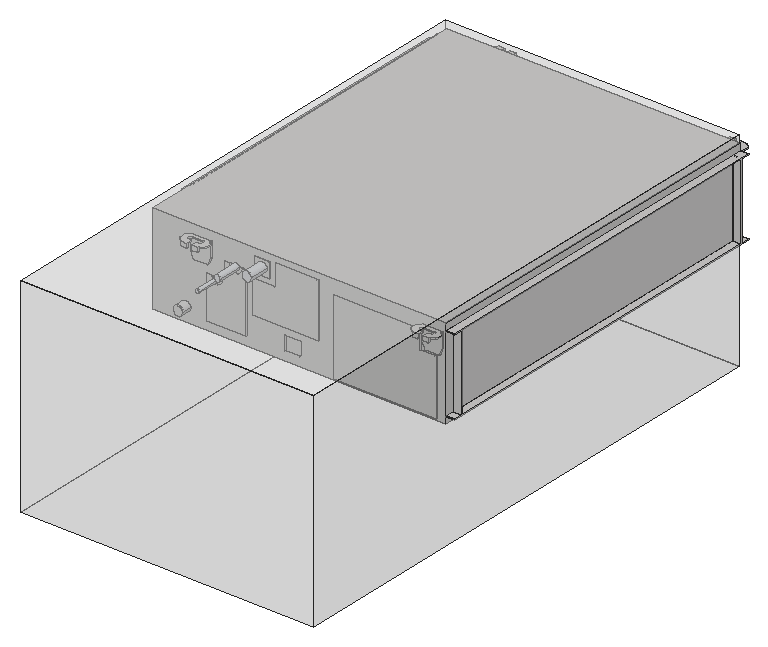
Revit family "outputfile", category 機械設備, Revit 2024
Family settings
  丸型コネクタ寸法 = 半径を使用
  パーツ タイプ = 標準
  OmniClass 番号 = 23.75.10.24.21.27.27
  OmniClass タイトル = Split System Air Conditioning Units
  作業面ベース = いいえ
  常に垂直 = はい
  ロード時にボイドで切り取り = いいえ
  注釈の向きを維持 = いいえ
  共有 = いいえ
  部屋計算ポイント = はい
Parameters (values of type "FXSQ63PAV4")
  Description = ""
  製造元 = "Daikin"
  書き出し IFC クラス(タイプ) = "IfcUnitaryEquipmentType"
  定義済み IFC タイプ(タイプ) = "AIRCONDITIONINGUNIT"
  Cost = 0
  モデル = "FXSQ63PAV4"
  Type Comments = ""
  Keynote = ""
  Type Image = (empty or 0)
  Assembly Code = ""
  r_Liquid Pipe Size = Liquid Pipe Size / 2  # 4.75 mm
  r_Gas Pipe Size = Gas Pipe Size / 2  # 7.95 mm
  r_Drain Pipe Size = Drain Pipe Size / 2  # 12.5 mm
  lw_power = 770.0 mm  # constant formula
  lh_SA = 138.0 mm  # constant formula
  lw_SA = if(Depth = 550.0 mm, 225.0 mm, if(Depth = 700.0 mm, 300.0 mm, if(Depth = 1000.0 mm, 450.0 mm, if(Depth = 1400.0 mm, 650.0 mm, 725.0 mm))))  # 450.0 mm
  lw_RA = if(Depth = 550.0 mm, 275.0 mm, if(Depth = 700.0 mm, 349.0 mm, if(Depth = 1000.0 mm, 499.0 mm, if(Depth = 1400.0 mm, 699.0 mm, 775.0 mm))))  # 499.0 mm
  lh_power = 60.0 mm + [h***]  # 60.0 mm
  lh_mountinghole1 = lh_mountinghole + [h***]  # 222.0 mm
  lh_RA = 123.0 mm  # constant formula
  ld_power = Depth / 2  # 500.0 mm
  Voltage_comment_60Hz = "220"
  Voltage_comment_50Hz = "220-240"
  Voltage_60Hz = 220 V
  Voltage_50Hz = 220 V
  URL = ""
  Supply Air Direction [instance] = yes
  Sound Power Level_H speed (dB) = 64
  Phase_60Hz = 1
  Phase_50Hz = 1
  Minimum External Static Pressure = 50.00 Pa
  Minimum Circuit Amps_60Hz = 1.8 A
  Minimum Circuit Amps_50Hz = 1.8 A
  Maximum Fuse Amps_60Hz = 16.0 A
  Maximum Fuse Amps_50Hz = 16.0 A
  Maximum External Static Pressure = 150.00 Pa
  Material_Casing = DAIKIN_GalvanizedSteel_Casing_indoorunit
  lw_mountinghole = 630.0 mm  # constant formula
  lh_gaspipe = 183.0 mm + [h***]  # 183.0 mm
  lh_mountinghole = 222.0 mm  # constant formula
  lh_liquidpipe = 136.0 mm + [h***]  # 136.0 mm
  lh_drainpipe = 207.0 mm + [h***]  # 207.0 mm
  lh_antena = Height - lh_mountinghole + 1.0 mm  # 24.0 mm
  ld_drainpipe = Depth / 2 + 53.0 mm  # 553.0 mm
  ld_liquidpipe = Depth / 2 + 69.0 mm  # 569.0 mm
  ld_gaspipe = Depth / 2 + 65.0 mm  # 565.0 mm
  ld_mountinghole = Depth + 38.0 mm  # 1038.0 mm
  h*** = 0.0 mm  # constant formula
  lw_liquidpipe = 179.0 mm  # constant formula
  lw_gaspipe = 229.0 mm  # constant formula
  lw_drainpipe = 300.0 mm  # constant formula
  Width = 800.0 mm
  Version = "ver.1.0"
  Unit Type = "Middle Static Pressure Duct Type"
  Unit Mass Weight = 35.00 kg
  Unit Designation [instance] = ""
  Uniclass2015Version = "Products v1.30"
  Uniclass2015Title = "Variable refrigerant flow units"
  Uniclass2015Code = "Pr_70_65_03_94"
  Total Heating Capacity [instance] = 0.000 kW
  Total Cooling Capacity [instance] = 0.000 kW
  Sound Pressure Level_M speed (dBA) = 0
  Sound Pressure Level_L speed (dBA) = 29
  Sound Pressure Level_H speed (dBA) = 36
  Series = "VRV Fan Coil Unit"
  Sensible Cooling Capacity [instance] = 0.000 kW
  SA Duct Size Width = if(Depth = 550.0 mm, 337.0 mm, if(Depth = 700.0 mm, 492.0 mm, if(Depth = 1000.0 mm, 792.0 mm, if(Depth = 1400.0 mm, 1192.0 mm, 1337.0 mm))))  # 792.0 mm
  SA Duct Size Height = 176.0 mm
  Refrigerant Type = "R410A"
  RA Duct Size Width = if(Depth = 550.0 mm, 502.0 mm, if(Depth = 700.0 mm, 654.0 mm, if(Depth = 1000.0 mm, 952.0 mm, if(Depth = 1400.0 mm, 1352.0 mm, 1502.0 mm))))  # 952.0 mm
  RA Duct Size Height = 208.0 mm
  Power Input (Heating) = 0.217 kW
  Power Input (Cooling) = 0.222 kW
  Option Accessory 3 [instance] = ""
  Option Accessory 2 [instance] = ""
  Option Accessory 1 [instance] = ""
  Nominal Heating Capacity = 8.000 kW
  Nominal Cooling Capacity = 7.100 kW
  Minimum Airflow = 870.00 m³/h
  Median Airflow = 1050.00 m³/h
  Maximum Airflow = 1260.00 m³/h
  Load Classification = HVAC
  Liquid Pipe Size = 9.5 mm
  Link_Nested Family [instance] = ""
  IfcVersion = "0"
  IfcExportType = "AIRCONDITIONINGUNIT"
  IfcExportAs = "IfcUnitaryEquipmentType"
  Height = 245.0 mm
  Heating Entering Wet Bulb Temperature [instance] = 0.00 °C
  Heating Entering Dry Bulb Temperature [instance] = 0.00 °C
  Heating Ambient Wet Bulb Temperature [instance] = 0.00 °C
  Heating Ambient Dry Bulb Temperature [instance] = 0.00 °C
  Heat Exchanger Type = "Cross Fin Coil"
  Gas Pipe Size = 15.9 mm
  Frequency_60Hz = 60 Hz
  Frequency_50Hz = 50 Hz
  Fan Type = "Sirocco Fan"
  Fan Drive = "Direct Drive"
  FCU Tag No. [instance] = ""
  Drain Pipe Size = 25.0 mm
  Design Supply Airflow [instance] = 0.00 m³/h
  Design Return Airflow [instance] = 0.00 m³/h
  Design External Static Pressure [instance] = 0.00 Pa
  Depth = 1000.0 mm
  既定の高さ = 0.0 mm
  Cooling Entering Wet Bulb Temperature [instance] = 0.00 °C
  Cooling Entering Dry Bulb Temperature [instance] = 0.00 °C
  Cooling Ambient Wet Bulb Temperature [instance] = 0.00 °C
  Cooling Ambient Dry Bulb Temperature [instance] = 0.00 °C
  Clearance visibility [instance] = yes
  Clearance Top = 20.0 mm
  Clearance Right = 0.0 mm
  Clearance Rear = 0.0 mm
  Clearance Left = 0.0 mm
  Clearance Front = 450.0 mm
  Clearance Bottom = 300.0 mm
Reference planes
  plane 1 "Center (Front/Back)": y = 0
  plane 2 "h": z = 0
  plane 3 "Center (Left/Right)": x = 0
  plane 4 "Back": y = 500
  plane 5 "Front": y = -500
  plane 6 "Left": x = -400
  plane 7 "Reight": x = 400
  plane 8 "Top": z = 0
  plane 9 "Bottom": z = -245
  plane 10: y = -215
  plane 11: y = 500
  plane 12: y = -950
  plane 13: x = -400
  plane 14: x = 400
  plane 15: z = 20
  plane 16: z = -545
  plane 17: x = -400
  plane 18: x = -399
  plane 19: x = 399
  plane 20: y = 50
  plane 21: y = -1
  plane 22: z = -122
  plane 23: y = -501
  plane 24: z = -109
  plane 25: x = -221
  plane 26: y = -565
  plane 27: z = -62
  plane 28: x = -171
  plane 29: y = -553
  plane 30: z = -38
  plane 31: x = -100
  plane 32: x = -100
  plane 33: x = -221
  plane 34: x = -171
  plane 35: x = 370
  plane 36: x = -266
  plane 37: x = 364
  plane 38: y = -519
  plane 39: y = 519
  plane 40: z = -23
  plane 41: z = -107
  plane 42: y = -570
  plane 43: z = -207
  plane 44: x = -309
  plane 45: y = -526
  plane 46: x = -251
  plane 47: x = -203
  plane 48: x = -144
  plane 49: z = -59
  plane 50: z = -106
  plane 51: z = -221
  plane 52: z = -109
  plane 53: x = -221
  plane 54: z = -62
  plane 55: x = -171
  plane 56: z = -17
  plane 57: z = -59
  plane 58: x = -121
  plane 59: x = -79
  plane 60: x = -125
  plane 61: x = -64
  plane 62: x = 53
  plane 63: z = -164
  plane 64: z = -73
  plane 65: z = -16
  plane 66: x = 93.5
  plane 67: x = 374.5
  plane 68: x = 330
  plane 69: z = -88.5
  plane 70: z = -38
  plane 71: z = -242.5
  plane 72: x = -38.5
  plane 73: x = 6.5
  plane 74: z = -181
  plane 75: z = -221
  plane 76: y = -499
  plane 77: x = -424
  plane 78: x = 424
Forms (mm)
  Extrusion 1, solid, material "DAIKIN_GalvanizedSteel_Casing_indoorunit" <- "Material_Casing"
    sketch origin (0, 0, 0) x (1, 0, 0) y (0, 1, 0)
      loop
        line (-399, 500) -> (-399, -500) -> (399, -500) -> (399, 500) -> (-399, 500)
    from -245 to 0
  Extrusion 2, solid, material "DAIKIN_GalvanizedSteel_Casing_indoorunit" <- "Material_Casing"
    sketch origin (0, 0, 0) x (1, 0, 0) y (0, 0, 1)
      loop
        line (-251, -221) -> (-144, -221) -> (-144, -59) -> (-154.47, -59)
        arc (-154.47, -59) -> (-171, -78.8) -> (-187.53, -59) r 16.8
        line (-187.53, -59) -> (-203, -59) -> (-203, -106) -> (-206.916, -106)
        arc (-206.916, -106) -> (-221, -123.4) -> (-235.084, -106) r 14.4
        line (-235.084, -106) -> (-251, -106) -> (-251, -221)
    from 500 to 501
  Extrusion 3, solid, material "DAIKIN_GalvanizedSteel_Casing_indoorunit" <- "Material_Casing"
    sketch origin (0, 0, 0) x (1, 0, 0) y (0, 0, 1)
      loop
        line (-121, -17) -> (-121, -59) -> (-79, -59) -> (-79, -17) -> (-121, -17)
      loop
        line (-125, -73) -> (-125, -164) -> (53, -164) -> (53, -16) -> (-64, -16) -> (-64, -73) -> (-125, -73)
    from 500 to 501
  Extrusion 4, solid, material "DAIKIN_GalvanizedSteel_Casing_indoorunit" <- "Material_Casing"
    sketch origin (0, 0, 0) x (1, 0, 0) y (0, 0, 1)
      loop
        line (93.5, -38) -> (93.5, -242.5) -> (374.5, -242.5) -> (374.5, -88.5) -> (330, -88.5) -> (330, -38) -> (93.5, -38)
    from 500 to 501
  Extrusion 5, solid
    sketch origin (0, 0, 0) x (1, 0, 0) y (0, 0, 1)
      loop
        circle (-221, -109) r 4.75
    from 500 to 570
  Extrusion 6, solid
    sketch origin (0, 0, 0) x (1, 0, 0) y (0, 0, 1)
      loop
        circle (-171, -62) r 7.95
    from 500 to 565
  Extrusion 7, solid
    sketch origin (0, 0, 0) x (1, 0, 0) y (0, 0, 1)
      loop
        circle (-100, -38) r 12.5
    from 501 to 553
  Extrusion 8, solid, material "DAIKIN_GalvanizedSteel_Casing_indoorunit" <- "Material_Casing"
    sketch origin (0, 0, 0) x (1, 0, 0) y (0, 0, 1)
      loop
        circle (-309, -207) r 13
    from 500 to 526
  Extrusion 9, void
    sketch origin (0, 0, 0) x (1, 0, 0) y (0, 0, 1)
      loop
        line (-38.5, -181) -> (-38.5, -221) -> (6.5, -221) -> (6.5, -181) -> (-38.5, -181)
    from 499 to 500
Cuts and joins
  Extrusion 9 cuts Extrusion 1
Dimensions and locks
  "Height": plane 8 "Top" to plane 9 "Bottom"
  equal spacing: plane 4 "Back", plane 1 "Center (Front/Back)", plane 5 "Front"
  "Depth": plane 4 "Back" to plane 5 "Front"
  equal spacing: plane 6 "Left", plane 3 "Center (Left/Right)", plane 7 "Reight"
  "Width": plane 6 "Left" to plane 7 "Reight"
  "Clearance Left": plane 13 to plane 6 "Left"
  "Clearance Right": plane 7 "Reight" to plane 14
  "Clearance Rear": plane 11 to plane 4 "Back"
  "Clearance Front": plane 5 "Front" to plane 12
  "Clearance Top": plane 15 to plane 8 "Top"
  "Clearance Bottom": plane 9 "Bottom" to plane 16
  locked: plane 17 to plane 18 at 1
  locked: plane 19 to plane 14 at 1
  "lw_SA": plane 11 to plane 20
  "lw_RA": plane 21 to plane 5 "Front"
  "lh_RA": plane 22 to plane 9 "Bottom"
  locked: plane 5 "Front" to plane 23 at 1
  "lw_liquidpipe": plane 25 to plane 6 "Left"
  "lh_liquidpipe": plane 24 to plane 9 "Bottom"
  "lh_gaspipe": plane 27 to plane 9 "Bottom"
  "lw_gaspipe": plane 28 to plane 6 "Left"
  "ld_gaspipe": plane 26 to plane 1 "Center (Front/Back)"
  "ld_drainpipe": plane 29 to plane 1 "Center (Front/Back)"
  "lh_drainpipe": plane 30 to plane 9 "Bottom"
  "lw_drainpipe": plane 31 to plane 6 "Left"
  "lw_drainpipe": plane 6 "Left" to plane 32
  "lw_liquidpipe": plane 6 "Left" to plane 33
  "lw_gaspipe": plane 6 "Left" to plane 34
  "lw_power": plane 6 "Left" to plane 35
  locked: plane 17 to plane 36 at 134
  "lw_mountinghole": plane 36 to plane 37
  equal spacing: plane 38, plane 1 "Center (Front/Back)", plane 39
  "ld_mountinghole": plane 39 to plane 38
  "lh_mountinghole": plane 40 to plane 9 "Bottom"
  "lh_SA": plane 41 to plane 9 "Bottom"
  "ld_liquidpipe": plane 21 to plane 42
  locked: plane 44 to plane 6 "Left" at 91
  locked: plane 43 to plane 9 "Bottom" at 38
  locked: plane 5 "Front" to plane 45 at 26
  plane 48 to plane 47 to plane 46 to plane 6 "Left" = 59.0 mm, 48.0 mm, 149.0 mm
  plane 8 "Top" to plane 49 to plane 50 to plane 51 = 59.0 mm locked, 47.0 mm locked, 115.0 mm locked
  plane 55 to plane 53 to plane 6 "Left" = 50.0 mm locked, 179.0 mm locked
  plane 54 to plane 52 to plane 9 "Bottom" = 47.0 mm locked, 136.0 mm locked
  plane 59 to plane 58 to plane 6 "Left" = 42.0 mm locked, 279.0 mm locked
  plane 8 "Top" to plane 56 to plane 57 = 17.0 mm locked, 42.0 mm locked
  plane 62 to plane 61 to plane 60 to plane 6 "Left" = 117.0 mm, 61.0 mm, 275.0 mm
  plane 8 "Top" to plane 65 to plane 64 = 16.0 mm locked, 57.0 mm locked
  locked: plane 65 to plane 63 at 148
  plane 8 "Top" to plane 70 to plane 69 to plane 71 = 38.0 mm locked, 50.5 mm locked, 154.0 mm locked
  plane 67 to plane 68 to plane 66 to plane 6 "Left" = 44.5 mm locked, 236.5 mm locked, 493.5 mm locked
  plane 8 "Top" to plane 74 to plane 75 = 181.0 mm locked, 40.0 mm locked
  plane 73 to plane 72 to plane 6 "Left" = 45.0 mm, 361.5 mm
  locked: plane 76 to plane 5 "Front" at 1
  locked: plane 77 to plane 17 at 24
  locked: plane 14 to plane 78 at 24
  locked: Extrusion 4 sketch curve to plane 9 "Bottom" at 2.5
  "r_Liquid Pipe Size": radius of Extrusion 5 sketch curve
  "r_Gas Pipe Size": radius of Extrusion 6 sketch curve
  "r_Drain Pipe Size": radius of Extrusion 7 sketch curve
  aligned and locked: level to plane 2 "h"
  aligned and locked: plane 8 "Top" to Extrusion 1
  aligned and locked: Extrusion 1 to plane 9 "Bottom"
  aligned and locked: nested 5 to plane 12
  aligned and locked: plane 13 to nested 5
  aligned and locked: plane 14 to nested 5
  aligned and locked: nested 5 to plane 13
  aligned and locked: plane 11 to nested 5
  aligned and locked: plane 15 to nested 5
  aligned and locked: plane 16 to nested 5
  aligned and locked: plane 5 "Front" to Extrusion 1 sketch curve
  aligned and locked: Extrusion 1 to plane 18
  aligned and locked: plane 19 to Extrusion 1
  aligned and locked: nested 7 to plane 18
  aligned and locked: nested 7 to plane 20
  aligned and locked: plane 19 to nested 8
  aligned and locked: plane 21 to nested 8
  aligned and locked: plane 22 to nested 8
  aligned and locked: Extrusion 2 to plane 23
  aligned and locked: plane 5 "Front" to Extrusion 2
  aligned and locked: Extrusion 3 to plane 23
  aligned and locked: plane 5 "Front" to Extrusion 3
  aligned and locked: plane 5 "Front" to Extrusion 4
  aligned and locked: Extrusion 5 sketch curve to plane 25
  aligned and locked: plane 24 to Extrusion 5 sketch curve
  aligned and locked: plane 5 "Front" to Extrusion 5
  aligned and locked: Extrusion 6 sketch curve to plane 28
  aligned and locked: plane 27 to Extrusion 6 sketch curve
  aligned and locked: plane 5 "Front" to Extrusion 6
  aligned and locked: Extrusion 7 sketch curve to plane 31
  aligned and locked: Extrusion 7 sketch curve to plane 30
  aligned and locked: Extrusion 7 to plane 29
  aligned and locked: plane 23 to Extrusion 7
  aligned and locked: nested 3 to plane 29
  aligned and locked: plane 32 to nested 3
  aligned and locked: nested 2 to plane 33
  aligned and locked: nested 1 to plane 34
  aligned and locked: Extrusion 6 to plane 26
  aligned and locked: nested 1 to plane 26
  aligned and locked: nested 6 to plane 5 "Front"
  aligned and locked: nested 6 to plane 35
  aligned and locked: plane 36 to nested 10
  aligned and locked: nested 10 to plane 5 "Front"
  aligned and locked: plane 37 to nested 9
  aligned and locked: nested 9 to plane 5 "Front"
  aligned and locked: nested 11 to plane 36
  aligned and locked: plane 4 "Back" to nested 11
  aligned and locked: nested 12 to plane 37
  aligned and locked: plane 4 "Back" to nested 12
  aligned and locked: plane 40 to nested 10
  aligned and locked: plane 40 to nested 11
  aligned and locked: plane 40 to nested 9
  aligned and locked: plane 40 to nested 12
  aligned and locked: plane 36 to nested 14
  aligned and locked: nested 14 to plane 39
  aligned and locked: plane 37 to nested 13
  aligned and locked: nested 13 to plane 39
  aligned and locked: plane 37 to nested 16
  aligned and locked: plane 38 to nested 16
  aligned and locked: plane 38 to nested 15
  aligned and locked: plane 36 to nested 15
  aligned and locked: plane 17 to plane 6 "Left"
  aligned and locked: plane 41 to nested 7
  aligned and locked: Extrusion 5 to plane 42
  aligned and locked: nested 2 to plane 42
  aligned and locked: Extrusion 8 sketch curve to plane 44
  aligned and locked: plane 43 to Extrusion 8 sketch curve
  aligned and locked: plane 5 "Front" to Extrusion 8
  aligned and locked: plane 45 to Extrusion 8
  aligned and locked: Extrusion 3 sketch curve to plane 56
  aligned and locked: Extrusion 3 sketch curve to plane 58
  aligned and locked: plane 57 to Extrusion 3 sketch curve
  aligned and locked: plane 59 to Extrusion 3 sketch curve
  aligned and locked: Extrusion 4 to plane 23
  aligned and locked: Extrusion 9 sketch curve to plane 74
  aligned and locked: plane 75 to Extrusion 9 sketch curve
  aligned and locked: plane 73 to Extrusion 9 sketch curve
  aligned and locked: plane 5 "Front" to Extrusion 9
  aligned and locked: plane 76 to Extrusion 9
  aligned and locked: nested 17 to plane 20
  aligned and locked: nested 17 to plane 77
  aligned and locked: plane 21 to nested 18
  aligned and locked: plane 78 to nested 18
  aligned and locked: plane 41 to nested 17
  aligned and locked: nested 18 to plane 22
  aligned and locked: nested 4 to plane 3 "Center (Left/Right)"
  aligned and locked: plane 1 "Center (Front/Back)" to nested 4
  aligned and locked: level to plane 8 "Top"
Automatic sketch dimensions
  plane 6 "Left" to Extrusion 1 sketch curve = 1.0 mm
  Extrusion 1 sketch curve to plane 7 "Reight" = 1.0 mm
  Extrusion 1 sketch curve to plane 4 "Back" = 0.0 mm
  Extrusion 2 sketch curve to plane 46 = 0.0 mm
  Extrusion 2 sketch curve to plane 33 = 0.0 mm
  Extrusion 2 sketch curve to plane 47 = 0.0 mm
  Extrusion 2 sketch curve to plane 34 = 0.0 mm
  Extrusion 2 sketch curve to plane 48 = 0.0 mm
  Extrusion 2 sketch curve to plane 52 = 0.0 mm
  Extrusion 2 sketch curve to plane 50 = 0.0 mm  (x3)
  Extrusion 2 sketch curve to plane 54 = 0.0 mm
  Extrusion 2 sketch curve to plane 49 = 0.0 mm  (x3)
  plane 33 to Extrusion 2 sketch curve = 14.084 mm
  plane 34 to Extrusion 2 sketch curve = 16.53 mm
  Extrusion 3 sketch curve to plane 60 = 0.0 mm
  Extrusion 3 sketch curve to plane 61 = 0.0 mm
  Extrusion 3 sketch curve to plane 62 = 0.0 mm
  Extrusion 3 sketch curve to plane 64 = 0.0 mm
  Extrusion 3 sketch curve to plane 65 = 0.0 mm
  Extrusion 4 sketch curve to plane 66 = 0.0 mm
  Extrusion 4 sketch curve to plane 68 = 0.0 mm
  Extrusion 4 sketch curve to plane 67 = 0.0 mm
  Extrusion 4 sketch curve to plane 69 = 0.0 mm
  Extrusion 4 sketch curve to plane 70 = 0.0 mm
  Extrusion 9 sketch curve to plane 72 = 0.0 mm
  Extrusion 2 sketch curve to plane 51 = 0.0 mm
  Extrusion 3 sketch curve to plane 63 = 0.0 mm
  radius of Extrusion 8 sketch curve = 13.0 mm
Nested families
  nested 1: "daikin_connector_rotate2" at (-171, 0, -62), length <- "ld_gaspipe", built-in parameter 1001364 <- "lh_gaspipe", radius <- "r_Gas Pipe Size", type "daikin_connector_rotate2"
    with radius 7.95 mm, length 565.0 mm, angle_vertical 90.00°
  nested 2: "daikin_connector_rotate2" at (-221, -1, -109), length <- "ld_liquidpipe", built-in parameter 1001364 <- "lh_liquidpipe", radius <- "r_Liquid Pipe Size", type "daikin_connector_rotate2"
    with radius 4.75 mm, length 569.0 mm, angle_vertical 90.00°
  nested 3: "daikin_connector_rotate2" at (-100, 0, -38), length <- "ld_drainpipe", built-in parameter 1001364 <- "lh_drainpipe", radius <- "r_Drain Pipe Size", type "daikin_connector_rotate2"
    with radius 12.5 mm, length 553.0 mm, angle_vertical 90.00°
  nested 4: "daikin_△_symbolicline" at (0, 0, 245) x (0, -1, 0) z (0, 0, 1), built-in parameter 1001364 <- "Height", visible <- "Supply Air Direction", type "daikin_△_symbolicline"
    with length 200.0 mm
  nested 5: "daikin_clearancespace" at (0, -225, -262.381), visible <- "Clearance visibility", show <- "Clearance visibility", Link_Nested Family <- "Link_Nested Family", type "daikin_clearancespace"
    with width 800.0 mm, show yes, height 565.0 mm, depth 1450.0 mm, Link_Nested Family ""
  nested 6: "daikin_connector_rotate2" at (370, 0, -185), built-in parameter 1001364 <- "lh_power", length <- "ld_power", type "daikin_connector_rotate2"
    with radius 10.0 mm, length 500.0 mm, angle_vertical 90.00°
  nested 7: "daikin_ductflange_FXSQ-PAV4_2" at (-399, 50, -107) x (0, -1, 0) z (0, 0, 1), type "daikin_ductflange_FXSQ-PAV4_2"
    with width 792.0 mm, w 1000.0 mm
  nested 8: "daikin_ductflange_FXSQ-PAV4_1" at (399, -1, -122) x (0, 1, 0) z (0, 0, 1), type "daikin_ductflange_FXSQ-PAV4_1"
    with width 952.0 mm, w 1000.0 mm
  nested 9: "daikin_hangerfixture_FXSQ-PAV4" at (364, -500, -23), type "daikin_hangerfixture_FXSQ-PAV4"
  nested 10: "daikin_hangerfixture_FXSQ-PAV4" at (-266, -500, -23), type "daikin_hangerfixture_FXSQ-PAV4"
  nested 11: "daikin_hangerfixture_FXSQ-PAV4" at (-266, 500, -23) x (-1, 0, 0) z (0, 0, 1), type "daikin_hangerfixture_FXSQ-PAV4"
  nested 12: "daikin_hangerfixture_FXSQ-PAV4" at (364, 500, -23) x (-1, 0, 0) z (0, 0, 1), type "daikin_hangerfixture_FXSQ-PAV4"
  nested 13: "daikin_mountinghole" at (364, 519, -245), h_mountinghole <- "lh_mountinghole1", l_antenna <- "lh_antena", Link_Nested Family <- "Link_Nested Family", type "daikin_mountinghole"
    with show yes, l_antenna 24.0 mm, h_mountinghole 222.0 mm, Link_Nested Family ""
  nested 14: "daikin_mountinghole" at (-266, 519, -245), h_mountinghole <- "lh_mountinghole1", l_antenna <- "lh_antena", Link_Nested Family <- "Link_Nested Family", type "daikin_mountinghole"
    with show yes, l_antenna 24.0 mm, h_mountinghole 222.0 mm, Link_Nested Family ""
  nested 15: "daikin_mountinghole" at (-266, -519, -245), h_mountinghole <- "lh_mountinghole1", l_antenna <- "lh_antena", Link_Nested Family <- "Link_Nested Family", type "daikin_mountinghole"
    with show yes, l_antenna 24.0 mm, h_mountinghole 222.0 mm, Link_Nested Family ""
  nested 16: "daikin_mountinghole" at (364, -519, -245), h_mountinghole <- "lh_mountinghole1", l_antenna <- "lh_antena", Link_Nested Family <- "Link_Nested Family", type "daikin_mountinghole"
    with show yes, l_antenna 24.0 mm, h_mountinghole 222.0 mm, Link_Nested Family ""
  nested 17: "daikin_connector_rotate2" at (-400, 50, -107) x (0, -1, 0) z (0, 0, 1), type "daikin_connector_rotate2"
    with radius 10.0 mm, length 24.0 mm, angle_vertical 90.00°
  nested 18: "daikin_connector_rotate2" at (400, -1, -122) x (0, 1, 0) z (0, 0, 1), type "daikin_connector_rotate2"
    with radius 10.0 mm, length 24.0 mm, angle_vertical 90.00°
Connectors
  piping at (-100, -553, -38), diameter 25, driven by "r_Drain Pipe Size"
    settings: on nested 3, index 3, connector inside diameter 609.6 mm, connector length 0.0 mm, flow factor 0, pipe flow 0.00 m³/h, pressure drop 0.0 Pa, fitting loss kfactor 0, connector angle 0.00°, fixture units 0, engagement length 0.0 mm, angle of deflection 0.00°, flow configuration 1, flow direction 2, fitting loss method 4, system type 16, joint type 0, gender type 0, connector reference index -1, connector utility 0, adjustable connector no, is connector primary yes, connector description "Condensate Drain Piping"
  piping at (-171, -565, -62), diameter 15.9, driven by "r_Gas Pipe Size"
    settings: on nested 1, index 4, connector inside diameter 609.6 mm, connector length 0.0 mm, flow factor 0, pipe flow 0.00 m³/h, pressure drop 0.0 Pa, fitting loss kfactor 0, connector angle 0.00°, fixture units 0, engagement length 0.0 mm, angle of deflection 0.00°, flow configuration 1, flow direction 2, fitting loss method 0, system type 29, joint type 0, gender type 0, connector reference index -1, connector utility 0, adjustable connector no, is connector primary no, connector description "Refrigerant Gas Piping"
  piping at (-221, -570, -109), diameter 9.5, driven by "r_Liquid Pipe Size"
    settings: on nested 2, index 5, connector inside diameter 609.6 mm, connector length 0.0 mm, flow factor 0, pipe flow 0.00 m³/h, pressure drop 0.0 Pa, fitting loss kfactor 0, connector angle 0.00°, fixture units 0, engagement length 0.0 mm, angle of deflection 0.00°, flow configuration 1, flow direction 1, fitting loss method 0, system type 29, joint type 0, gender type 0, connector reference index -1, connector utility 0, adjustable connector no, is connector primary no, connector description "Refrigerant Liquid Piping"
  electrical at (370, -500, -185), driven by "Load Classification"
    settings: on nested 6, index 6, voltage 0 V, apparent load 0 VA, apparent load phase1 0 VA, apparent load phase2 0 VA, apparent load phase3 0 VA, power factor 1, load classification "HVAC", number of poles 1, system type 30, power factor state 1, is connector primary yes, connector utility no, sub classification motor no, connector description "Power Supply"
  hvac at (-424, 50, -107), driven by "SA Duct Size Height", driven by "SA Duct Size Width"
    settings: on nested 17, index 7, duct flow 0.00 m³/h, flow factor 0, pres drop 0.00 Pa, loss coef 0, conn angle 0.00°, conn width 792.0 mm, conn height 176.0 mm, conn diameter 609.6 mm, duct sys type 1, conn prof type 1, flow config 0, flow direction 2, loss method 4, conn ref index -1, conn util no, is conn primary yes, conn desc "SA Duct"
  hvac at (424, -1, -122), driven by "RA Duct Size Height", driven by "RA Duct Size Width"
    settings: on nested 18, index 8, duct flow 0.00 m³/h, flow factor 0, pres drop 0.00 Pa, loss coef 0, conn angle 0.00°, conn width 952.0 mm, conn height 208.0 mm, conn diameter 609.6 mm, duct sys type 2, conn prof type 1, flow config 0, flow direction 1, loss method 4, conn ref index -1, conn util no, is conn primary no, conn desc "RA Duct"
Definition of nested family "daikin_clearancespace"
  Parameters (values of type "daikin_clearancespace")
    width [instance] = 1823.963 mm
    show [instance] = yes
    material = none
    height [instance] = 1359.762 mm
    depth [instance] = 880.0 mm
    Default Elevation = 0.0 mm
    Link_Nested Family [instance] = ""
  Reference planes
    plane 1 "Center (Front/Back)": y = 0
    plane 2 "Center (Elevation)": z = -0.119
    plane 3 "Center (Left/Right)": x = 0
    plane 4: y = 440
    plane 5: y = -440
    plane 6 "Right": x = 911.982
    plane 7 "Left": x = -911.982
    plane 8 "Top": z = 679.762
    plane 9 "Bottom": z = -680
  Forms (mm)
    Extrusion 1, solid, material <- "material", visible <- "show"
      sketch origin (0, 0, 0) x (1, 0, 0) y (0, 1, 0)
        loop
          line (-911.982, 440) -> (-911.982, -440) -> (911.982, -440) -> (911.982, 440) -> (-911.982, 440)
      from -680 to 679.762
  Lines and regions (mm)
    symbolic lines, visible <- "show"
      curve 1: line (911.982, 440, 0) -> (-911.982, 440, 0)
      curve 2: line (-911.982, 440, 0) -> (-911.982, -440, 0)
      curve 3: line (-911.982, -440, 0) -> (911.982, -440, 0)
      curve 4: line (911.982, -440, 0) -> (911.982, 440, 0)
      curve 5: line (911.982, 0, 679.762) -> (-911.982, 0, 679.762)
      curve 6: line (911.982, 0, -680) -> (911.982, 0, 679.762)
      curve 7: line (-911.982, 0, -680) -> (911.982, 0, -680)
      curve 8: line (-911.982, 0, 679.762) -> (-911.982, 0, -680)
      curve 9: line (0, 440, 679.762) -> (0, -440, 679.762)
      curve 10: line (0, -440, 679.762) -> (0, -440, -680)
      curve 11: line (0, 440, -680) -> (0, 440, 679.762)
      curve 12: line (0, -440, -680) -> (0, 440, -680)
  Dimensions and locks
    "width": plane 7 "Left" to plane 6 "Right"
    "depth": plane 4 to plane 5
    "height": plane 8 "Top" to plane 9 "Bottom"
    equal spacing: plane 7 "Left", plane 3 "Center (Left/Right)", plane 6 "Right"
    equal spacing: plane 4, plane 1 "Center (Front/Back)", plane 5
    equal spacing: plane 8 "Top", plane 2 "Center (Elevation)", plane 9 "Bottom"
    aligned and locked: level to plane 2 "Center (Elevation)"
    aligned and locked: Extrusion 1 sketch curve to plane 4
    aligned and locked: plane 7 "Left" to Extrusion 1 sketch curve
    aligned and locked: Extrusion 1 sketch curve to plane 5
    aligned and locked: Extrusion 1 sketch curve to plane 6 "Right"
    aligned and locked: plane 8 "Top" to Extrusion 1
    aligned and locked: curve 1 to Extrusion 1
    aligned and locked: curve 2 to Extrusion 1
    aligned and locked: curve 3 to Extrusion 1
    aligned and locked: curve 4 to Extrusion 1
    aligned and locked: curve 5 to Extrusion 1
    aligned and locked: curve 6 to Extrusion 1
    aligned and locked: curve 7 to Extrusion 1
    aligned and locked: curve 8 to Extrusion 1
    aligned and locked: curve 9 to Extrusion 1
    aligned and locked: curve 10 to Extrusion 1
    aligned and locked: curve 11 to Extrusion 1
    aligned and locked: curve 12 to Extrusion 1
    aligned and locked: Extrusion 1 to plane 9 "Bottom"
Definition of nested family "daikin_ductflange_FXSQ-PAV4_2"
  Parameters (values of type "daikin_ductflange_FXMQ-PAVE2")
    width = if(w = 550.0 mm, 337.0 mm, if(w = 700.0 mm, 492.0 mm, if(w = 1000.0 mm, 792.0 mm, if(w = 1400.0 mm, 1192.0 mm, 1337.0 mm))))  # 337.0 mm
    material = none
    height = 215.0 mm
    depth = 1.0 mm
    w = 550.0 mm
    Default Elevation = 0.0 mm
  Reference planes
    plane 1 "Center (Front/Back)": y = 0
    plane 2: z = 0
    plane 3 "Center (Left/Right)": x = 0
    plane 4: z = 88
    plane 5: z = -88
    plane 6: y = -25
    plane 7: z = 106
    plane 8: z = 89
    plane 9: y = -1
    plane 10: x = -192.5
    plane 11: x = 192.5
    plane 12: z = -106
    plane 13: z = -89
    plane 14: y = -1
    plane 15: x = 168.5
    plane 16: x = -168.5
    plane 17: x = 169.5
    plane 18: z = 87
    plane 19: z = -87
    plane 20: x = -169.5
    plane 21: z = 87
    plane 22: z = -87
    plane 23: y = -1
  Forms (mm)
    Extrusion 1, solid, material <- "material"
      sketch origin (0, 0, 0) x (0, 1, 0) y (0, 0, 1)
        loop
          line (-25, 88) -> (0, 88) -> (0, 106) -> (-1, 106) -> (-1, 89) -> (-25, 89) -> (-25, 88)
      from -192.5 to 192.5
    Extrusion 2, solid, material <- "material"
      sketch origin (0, 0, 0) x (0, 1, 0) y (0, 0, 1)
        loop
          line (-25, -88) -> (-25, -89) -> (-1, -89) -> (-1, -106) -> (0, -106) -> (0, -88) -> (-25, -88)
      from -192.5 to 192.5
    Extrusion 3, solid, material <- "material"
      sketch origin (0, 0, 0) x (1, 0, 0) y (0, 0, 1)
        loop
          line (168.5, 88) -> (168.5, -88) -> (192.5, -88) -> (192.5, -87) -> (169.5, -87) -> (169.5, 87) -> (192.5, 87) -> (192.5, 88) -> (168.5, 88)
      from 0 to 25
    Extrusion 4, solid, material <- "material"
      sketch origin (0, 0, 0) x (1, 0, 0) y (0, 0, 1)
        loop
          line (-192.5, 88) -> (-192.5, 87) -> (-169.5, 87) -> (-169.5, -87) -> (-192.5, -87) -> (-192.5, -88) -> (-168.5, -88) -> (-168.5, 88) -> (-192.5, 88)
      from 0 to 25
    Extrusion 5, solid, material <- "material"
      sketch origin (0, 0, 0) x (1, 0, 0) y (0, 0, 1)
        loop
          line (-192.5, 88) -> (-192.5, -88) -> (-168.5, -88) -> (-168.5, 88) -> (-192.5, 88)
        loop
          line (192.5, 88) -> (168.5, 88) -> (168.5, -88) -> (192.5, -88) -> (192.5, 88)
      from 0 to 1
  Cuts and joins
    joined: Extrusion 1, Extrusion 2, Extrusion 3, Extrusion 4, Extrusion 5
  Dimensions and locks
    plane 4 to level to plane 5 = 88.0 mm, 88.0 mm
    locked: plane 6 to plane 1 "Center (Front/Back)" at 25
    locked: plane 9 to plane 1 "Center (Front/Back)" at 1
    locked: plane 8 to plane 4 at 1
    locked: plane 16 to plane 10 at 24
    locked: plane 17 to plane 15 at 1
    locked: plane 4 to plane 18 at 1
    locked: plane 19 to plane 5 at 1
    "width": plane 15 to plane 16
    plane 4 to plane 5 = 176.0 mm
    locked: plane 16 to plane 20 at 1
    locked: plane 4 to plane 21 at 1
    locked: plane 22 to plane 5 at 1
    locked: plane 23 to plane 1 "Center (Front/Back)" at 1
    plane 4 to level to plane 5 = 88.0 mm locked, 88.0 mm locked
    locked: plane 5 to plane 13 at 1
    locked: plane 5 to plane 12 at 18
    locked: plane 7 to plane 4 at 18
    equal spacing: plane 15, plane 3 "Center (Left/Right)", plane 16
    locked: plane 11 to plane 15 at 24
    plane 11 to plane 10 = 385.0 mm
    aligned and locked: level to plane 2
    aligned and locked: Extrusion 1 to plane 10
    aligned and locked: plane 11 to Extrusion 1
    aligned and locked: plane 5 to Extrusion 2
    aligned and locked: Extrusion 2 to plane 1 "Center (Front/Back)"
    aligned and locked: plane 15 to Extrusion 3 sketch curve
    aligned and locked: Extrusion 3 sketch curve to Extrusion 2  (x2)
    aligned and locked: Extrusion 3 sketch curve to plane 11
    aligned and locked: plane 6 to Extrusion 3
    aligned and locked: Extrusion 2 to plane 10
    aligned and locked: plane 11 to Extrusion 2
    aligned and locked: Extrusion 4 sketch curve to Extrusion 1  (x2)
    aligned and locked: plane 5 to Extrusion 4 sketch curve
    aligned and locked: Extrusion 4 sketch curve to plane 16
    aligned and locked: Extrusion 4 sketch curve to plane 22
    aligned and locked: plane 20 to Extrusion 4 sketch curve
    aligned and locked: plane 21 to Extrusion 4 sketch curve
    aligned and locked: Extrusion 4 to plane 1 "Center (Front/Back)"
    aligned and locked: plane 6 to Extrusion 4
    aligned and locked: Extrusion 5 sketch curve to Extrusion 1  (x4)
    aligned and locked: Extrusion 5 sketch curve to Extrusion 4  (x2)
    aligned and locked: Extrusion 5 sketch curve to Extrusion 3  (x2)
    aligned and locked: Extrusion 5 to plane 1 "Center (Front/Back)"
    aligned and locked: plane 23 to Extrusion 5
  Automatic sketch dimensions
    Extrusion 1 sketch curve to plane 6 = 0.0 mm
    Extrusion 1 sketch curve to plane 7 = 0.0 mm
    Extrusion 1 sketch curve to plane 9 = 0.0 mm
    Extrusion 1 sketch curve to plane 1 "Center (Front/Back)" = 0.0 mm
    Extrusion 1 sketch curve to plane 4 = 0.0 mm
    Extrusion 1 sketch curve to plane 8 = 0.0 mm
    Extrusion 2 sketch curve to plane 6 = 0.0 mm
    plane 12 to Extrusion 2 sketch curve = 0.0 mm
    Extrusion 2 sketch curve to plane 14 = 0.0 mm
    Extrusion 2 sketch curve to plane 1 "Center (Front/Back)" = 0.0 mm
    plane 13 to Extrusion 2 sketch curve = 0.0 mm
    Extrusion 2 sketch curve to plane 5 = 0.0 mm
    Extrusion 3 sketch curve to plane 17 = 0.0 mm
    Extrusion 3 sketch curve to plane 19 = 0.0 mm
    Extrusion 3 sketch curve to plane 18 = 0.0 mm
    Extrusion 3 sketch curve to plane 4 = 0.0 mm
    Extrusion 4 sketch curve to plane 10 = 0.0 mm
Definition of nested family "daikin_ductflange_FXSQ-PAV4_1"
  Parameters (values of type "daikin_ductflange_FXMQ-PAVE")
    width = if(w = 550.0 mm, 502.0 mm, if(w = 700.0 mm, 654.0 mm, if(w = 1000.0 mm, 952.0 mm, if(w = 1400.0 mm, 1352.0 mm, 1502.0 mm))))  # 502.0 mm
    material = none
    height = 208.0 mm
    depth = 1.0 mm
    w = 550.0 mm
    Default Elevation = 0.0 mm
  Reference planes
    plane 1 "Center (Front/Back)": y = 0
    plane 2: z = 0
    plane 3 "Center (Left/Right)": x = 0
    plane 4: z = 104
    plane 5: z = -104
    plane 6: y = -25
    plane 7: z = 121
    plane 8: z = 105
    plane 9: y = -1
    plane 10: x = -275
    plane 11: x = 275
    plane 12: z = -122
    plane 13: z = -105
    plane 14: y = -1
    plane 15: x = 251
    plane 16: x = -251
    plane 17: x = 252
    plane 18: z = 103
    plane 19: z = -103
    plane 20: x = -252
    plane 21: z = 103
    plane 22: z = -103
    plane 23: y = -1
  Forms (mm)
    Extrusion 1, solid, material <- "material"
      sketch origin (0, 0, 0) x (0, 1, 0) y (0, 0, 1)
        loop
          line (-25, 104) -> (0, 104) -> (0, 121) -> (-1, 121) -> (-1, 105) -> (-25, 105) -> (-25, 104)
      from -275 to 275
    Extrusion 2, solid, material <- "material"
      sketch origin (0, 0, 0) x (0, 1, 0) y (0, 0, 1)
        loop
          line (-25, -104) -> (-25, -105) -> (-1, -105) -> (-1, -122) -> (0, -122) -> (0, -104) -> (-25, -104)
      from -275 to 275
    Extrusion 3, solid, material <- "material"
      sketch origin (0, 0, 0) x (1, 0, 0) y (0, 0, 1)
        loop
          line (251, 104) -> (251, -104) -> (275, -104) -> (275, -103) -> (252, -103) -> (252, 103) -> (275, 103) -> (275, 104) -> (251, 104)
      from 0 to 25
    Extrusion 4, solid, material <- "material"
      sketch origin (0, 0, 0) x (1, 0, 0) y (0, 0, 1)
        loop
          line (-275, 104) -> (-275, 103) -> (-252, 103) -> (-252, -103) -> (-275, -103) -> (-275, -104) -> (-251, -104) -> (-251, 104) -> (-275, 104)
      from 0 to 25
    Extrusion 5, solid, material <- "material"
      sketch origin (0, 0, 0) x (1, 0, 0) y (0, 0, 1)
        loop
          line (-275, 104) -> (-275, -104) -> (-251, -104) -> (-251, 104) -> (-275, 104)
        loop
          line (275, 104) -> (251, 104) -> (251, -104) -> (275, -104) -> (275, 104)
      from 0 to 1
  Cuts and joins
    joined: Extrusion 1, Extrusion 2, Extrusion 3, Extrusion 4, Extrusion 5
  Dimensions and locks
    plane 4 to level to plane 5 = 104.0 mm, 104.0 mm
    locked: plane 6 to plane 1 "Center (Front/Back)" at 25
    locked: plane 9 to plane 1 "Center (Front/Back)" at 1
    locked: plane 8 to plane 4 at 1
    locked: plane 11 to plane 15 at 24
    locked: plane 16 to plane 10 at 24
    locked: plane 17 to plane 15 at 1
    locked: plane 4 to plane 18 at 1
    locked: plane 19 to plane 5 at 1
    "width": plane 15 to plane 16
    equal spacing: plane 15, plane 3 "Center (Left/Right)", plane 16
    locked: plane 16 to plane 20 at 1
    locked: plane 4 to plane 21 at 1
    locked: plane 22 to plane 5 at 1
    locked: plane 23 to plane 1 "Center (Front/Back)" at 1
    locked: plane 7 to plane 4 at 17
    locked: plane 1 "Center (Front/Back)" to plane 14 at 1
    locked: plane 5 to plane 13 at 1
    "height": plane 4 to plane 5
    plane 11 to plane 10 = 550.0 mm
    locked: plane 12 to plane 13 at 17
    equal spacing: plane 4, level, plane 5
    aligned and locked: level to plane 2
    aligned and locked: Extrusion 1 to plane 10
    aligned and locked: plane 11 to Extrusion 1
    aligned and locked: plane 5 to Extrusion 2
    aligned and locked: Extrusion 2 to plane 1 "Center (Front/Back)"
    aligned and locked: plane 15 to Extrusion 3 sketch curve
    aligned and locked: Extrusion 3 sketch curve to Extrusion 2  (x2)
    aligned and locked: Extrusion 3 sketch curve to plane 11
    aligned and locked: plane 6 to Extrusion 3
    aligned and locked: Extrusion 2 to plane 10
    aligned and locked: plane 11 to Extrusion 2
    aligned and locked: Extrusion 4 sketch curve to Extrusion 1  (x2)
    aligned and locked: plane 5 to Extrusion 4 sketch curve
    aligned and locked: Extrusion 4 sketch curve to plane 16
    aligned and locked: Extrusion 4 sketch curve to plane 22
    aligned and locked: plane 20 to Extrusion 4 sketch curve
    aligned and locked: plane 21 to Extrusion 4 sketch curve
    aligned and locked: Extrusion 4 to plane 1 "Center (Front/Back)"
    aligned and locked: plane 6 to Extrusion 4
    aligned and locked: Extrusion 5 sketch curve to Extrusion 1  (x4)
    aligned and locked: Extrusion 5 sketch curve to Extrusion 4  (x2)
    aligned and locked: Extrusion 5 sketch curve to Extrusion 3  (x2)
    aligned and locked: Extrusion 5 to plane 1 "Center (Front/Back)"
    aligned and locked: plane 23 to Extrusion 5
  Automatic sketch dimensions
    Extrusion 1 sketch curve to plane 6 = 0.0 mm
    Extrusion 1 sketch curve to plane 7 = 0.0 mm
    Extrusion 1 sketch curve to plane 9 = 0.0 mm
    Extrusion 1 sketch curve to plane 1 "Center (Front/Back)" = 0.0 mm
    Extrusion 1 sketch curve to plane 4 = 0.0 mm
    Extrusion 1 sketch curve to plane 8 = 0.0 mm
    Extrusion 2 sketch curve to plane 6 = 0.0 mm
    plane 12 to Extrusion 2 sketch curve = 0.0 mm
    Extrusion 2 sketch curve to plane 14 = 0.0 mm
    Extrusion 2 sketch curve to plane 1 "Center (Front/Back)" = 0.0 mm
    plane 13 to Extrusion 2 sketch curve = 0.0 mm
    Extrusion 2 sketch curve to plane 5 = 0.0 mm
    Extrusion 3 sketch curve to plane 17 = 0.0 mm
    Extrusion 3 sketch curve to plane 19 = 0.0 mm
    Extrusion 3 sketch curve to plane 18 = 0.0 mm
    Extrusion 3 sketch curve to plane 4 = 0.0 mm
    Extrusion 4 sketch curve to plane 10 = 0.0 mm
Definition of nested family "daikin_hangerfixture_FXSQ-PAV4"
  Parameters (values of type "daikin_hangerfixture_FXMQ-PAVE")
    width = 72.0 mm
    material = none
    height = 60.0 mm
    depth = 41.0 mm
    Default Elevation = 0.0 mm
  Reference planes
    plane 1 "Center (Front/Back)": y = 0
    plane 2: z = 0
    plane 3 "Center (Left/Right)": x = 0
    plane 4: y = 417.146
    plane 5: y = -41
    plane 6: x = -36
    plane 7: x = 36
    plane 8: z = -2.3
    plane 9: z = -60
    plane 10: y = -2.3
    plane 11: z = -12
    plane 12: y = -38.7
  Forms (mm)
    Extrusion 1, solid, material <- "material"
      sketch origin (0, 0, 0) x (1, 0, 0) y (0, 1, 0)
        loop
          line (-28, 0) -> (-28, -5)
          arc (-28, -5) -> (-29.127, -8.162) -> (-32, -9.899) r 5
          arc (-32, -9.899) -> (-34.873, -11.636) -> (-36, -14.798) r 5
          line (-36, -14.798) -> (-36, -27.178)
          arc (-36, -27.178) -> (-35.429, -29.499) -> (-33.846, -31.289) r 5
          line (-33.846, -31.289) -> (-23, -38.798) -> (-23, -41.098) -> (-6.5, -41.098) -> (-6.5, -28.498)
          arc (-6.5, -28.498) -> (-7.379, -26.377) -> (-9.5, -25.498) r 3
          line (-9.5, -25.498) -> (-13.5, -25.498)
          arc (-13.5, -25.498) -> (-20, -18.998) -> (-13.5, -12.498) r 6.5
          line (-13.5, -12.498) -> (13.5, -12.498)
          arc (13.5, -12.498) -> (20, -18.998) -> (13.5, -25.498) r 6.5
          line (13.5, -25.498) -> (9.5, -25.498)
          arc (9.5, -25.498) -> (7.379, -26.377) -> (6.5, -28.498) r 3
          line (6.5, -28.498) -> (6.5, -41.098) -> (23, -41.098) -> (23, -38.798) -> (33.846, -31.289)
          arc (33.846, -31.289) -> (35.429, -29.499) -> (36, -27.178) r 5
          line (36, -27.178) -> (36, -14.596)
          arc (36, -14.596) -> (34.873, -11.434) -> (32, -9.697) r 5
          arc (32, -9.697) -> (29.127, -7.96) -> (28, -4.798) r 5
          line (28, -4.798) -> (28, 0) -> (-28, 0)
      from 0 to -2.3
    Extrusion 2, solid, material <- "material"
      sketch origin (0, 0, 0) x (1, 0, 0) y (0, 0, 1)
        loop
          line (28, -39.037) -> (28, 0) -> (-28, 0) -> (-28, -39.037)
          arc (-28, -39.037) -> (-27.91, -39.983) -> (-27.642, -40.894) r 5
          line (-27.642, -40.894) -> (-21.257, -56.857)
          arc (-21.257, -56.857) -> (-19.418, -59.14) -> (-16.615, -60) r 5
          line (-16.615, -60) -> (16.615, -60)
          arc (16.615, -60) -> (19.418, -59.14) -> (21.257, -56.857) r 5
          line (21.257, -56.857) -> (27.642, -40.894)
          arc (27.642, -40.894) -> (27.91, -39.983) -> (28, -39.037) r 5
      from 0 to 2.3
    Extrusion 3, solid, material <- "material"
      sketch origin (0, 0, 0) x (1, 0, 0) y (0, 0, 1)
        loop
          line (-23, 0) -> (-23, -9)
          arc (-23, -9) -> (-22.121, -11.121) -> (-20, -12) r 3
          line (-20, -12) -> (-9.5, -12)
          arc (-9.5, -12) -> (-7.379, -11.121) -> (-6.5, -9) r 3
          line (-6.5, -9) -> (-6.5, 0) -> (-23, 0)
        loop
          line (23, 0) -> (6.5, 0) -> (6.5, -9)
          arc (6.5, -9) -> (7.379, -11.121) -> (9.5, -12) r 3
          line (9.5, -12) -> (20, -12)
          arc (20, -12) -> (22.121, -11.121) -> (23, -9) r 3
          line (23, -9) -> (23, 0)
      from 38.8 to 41.098
  Cuts and joins
    joined: Extrusion 1, Extrusion 2, Extrusion 3
  Dimensions and locks
    plane 2 to plane 8 = 2.3 mm
    "height": plane 2 to plane 9
    locked: plane 10 to plane 1 "Center (Front/Back)" at 2.3
    locked: plane 2 to plane 11 at 12
    locked: plane 12 to plane 5 at 2.3
    aligned and locked: level to plane 2
    aligned and locked: Extrusion 1 to plane 8
    aligned and locked: plane 2 to Extrusion 1
    aligned and locked: plane 2 to Extrusion 2 sketch curve
    aligned and locked: Extrusion 2 to plane 10
    aligned and locked: Extrusion 2 to plane 1 "Center (Front/Back)"
    aligned and locked: Extrusion 3 sketch curve to cut or joined group of Extrusion 1, Extrusion 2, Extrusion 3  (x3)
    aligned and locked: cut or joined group of Extrusion 1, Extrusion 2, Extrusion 3 to Extrusion 3
  Automatic sketch dimensions
    Extrusion 2 sketch curve to plane 7 = 8.0 mm
    Extrusion 2 sketch curve to plane 8 = 36.737 mm
    plane 6 to Extrusion 2 sketch curve = 19.385 mm
    Extrusion 1 sketch curve to plane 6 = 0.0 mm
    plane 1 "Center (Front/Back)" to Extrusion 1 sketch curve = 0.0 mm
    Extrusion 1 sketch curve to plane 7 = 0.0 mm
    plane 6 to Extrusion 1 sketch curve = 2.154 mm
    plane 6 to Extrusion 1 sketch curve = 3.0 mm
    Extrusion 1 sketch curve to Extrusion 1 sketch curve = 5.0 mm  (x3)
    Extrusion 1 sketch curve to plane 12 = 0.098 mm  (x2)
    Extrusion 1 sketch curve to Extrusion 1 sketch curve = 4.0 mm  (x2)
    Extrusion 1 sketch curve to plane 5 = 0.098 mm  (x2)
    Extrusion 1 sketch curve to plane 3 "Center (Left/Right)" = 6.5 mm
    plane 3 "Center (Left/Right)" to Extrusion 1 sketch curve = 6.5 mm
    Extrusion 1 sketch curve to Extrusion 1 sketch curve = 3.0 mm
    Extrusion 1 sketch curve to plane 7 = 8.0 mm
    Extrusion 1 sketch curve to plane 7 = 5.0 mm
    Extrusion 1 sketch curve to plane 7 = 3.0 mm
    Extrusion 1 sketch curve to plane 7 = 2.154 mm
    plane 12 to Extrusion 1 sketch curve = 7.411 mm  (x2)
    plane 12 to Extrusion 1 sketch curve = 10.202 mm  (x2)
    Extrusion 1 sketch curve to Extrusion 1 sketch curve = 6.5 mm  (x2)
    Extrusion 1 sketch curve to Extrusion 1 sketch curve = 12.38 mm
    Extrusion 1 sketch curve to plane 10 = 12.296 mm
    Extrusion 1 sketch curve to plane 10 = 2.7 mm
    Extrusion 1 sketch curve to plane 10 = 2.498 mm
    plane 6 to Extrusion 1 sketch curve = 4.0 mm
    Extrusion 1 sketch curve to Extrusion 1 sketch curve = 0.0 mm  (x2)
    Extrusion 1 sketch curve to plane 7 = 4.0 mm
    Extrusion 1 sketch curve to Extrusion 1 sketch curve = 4.111 mm
    Extrusion 3 sketch curve to level = 0.0 mm  (x2)
    Extrusion 3 sketch curve to plane 11 = 0.0 mm  (x2)
    plane 11 to Extrusion 3 sketch curve = 3.0 mm  (x2)
    plane 3 "Center (Left/Right)" to Extrusion 3 sketch curve = 6.5 mm
    Extrusion 3 sketch curve to Extrusion 3 sketch curve = 3.0 mm  (x2)
    Extrusion 2 sketch curve to plane 9 = 0.0 mm
    Extrusion 2 sketch curve to Extrusion 2 sketch curve = 11.385 mm
    plane 6 to Extrusion 2 sketch curve = 8.0 mm
    plane 9 to Extrusion 2 sketch curve = 20.963 mm
    Extrusion 2 sketch curve to Extrusion 2 sketch curve = 5.0 mm  (x2)
    plane 9 to Extrusion 2 sketch curve = 3.143 mm  (x3)
    Extrusion 2 sketch curve to Extrusion 2 sketch curve = 4.642 mm  (x2)
    Extrusion 2 sketch curve to Extrusion 2 sketch curve = 0.0 mm  (x2)
    Extrusion 2 sketch curve to Extrusion 2 sketch curve = 0.358 mm
    Extrusion 2 sketch curve to Extrusion 2 sketch curve = 1.857 mm  (x2)
Definition of nested family "daikin_connector_rotate2"
  Parameters (values of type "daikin_connector_rotate2")
    Default Elevation = 1219.2 mm
    show_face = no
    radius [instance] = 10.0 mm
    length [instance] = 600.0 mm
    d_surface = 10.0 mm
    angle_vertical [instance] = 90.00°
  Reference planes
    plane 1 "Center (Front/Back)": y = 0
    plane 2: z = 0
    plane 3 "Center (Left/Right)": x = 0
  Forms (mm)
    Extrusion 1, solid, visible <- "show_face"
      sketch origin (0, -600, 0) x (1, 0, 0) y (0, 0, 1)
        loop
          circle (0, 0) r 10
      from 0 to -10
  Lines and regions (mm)
    reference lines
      curve 1: line (0, 0, 0) -> (0, -600, 0)
    symbolic lines
      curve 2: circle (0, 0, 0) r 5 normal (0, 0, 1)
    model lines, visible <- "show_face"
      curve 3: line (0, 0, 0) -> (0, -600, 0)
  Dimensions and locks
    "length": curve 1 to curve 1
    "length": curve 3 to curve 3
    "d_surface": Extrusion 1 to Extrusion 1
    "radius": radius of Extrusion 1 sketch curve
    "angle_vertical": angle curve 1 to plane 1 "Center (Front/Back)"
    "angle_vertical": angle curve 3 to plane 1 "Center (Front/Back)"
    aligned and locked: level to plane 2
    aligned and locked: plane 1 "Center (Front/Back)" to curve 1
    aligned and locked: plane 2 to curve 1
    aligned and locked: plane 1 "Center (Front/Back)" to curve 2
    aligned and locked: plane 3 "Center (Left/Right)" to curve 2
    aligned and locked: plane 1 "Center (Front/Back)" to curve 3
    aligned and locked: plane 2 to curve 3
    aligned and locked: Extrusion 1 to Extrusion 1
  Automatic sketch dimensions
    Extrusion 1 sketch curve to level = 0.0 mm
    Extrusion 1 sketch curve to plane 3 "Center (Left/Right)" = 0.0 mm
    radius of curve 2 = 5.0 mm
Definition of nested family "daikin_△_symbolicline"
  Parameters (values of type "daikin_△_symbolicline")
    length [instance] = 200.0 mm
    Default Elevation = 0.0 mm
  Reference planes
    plane 1 "Center (Front/Back)": y = 0
    plane 2: z = 0
    plane 3 "Center (Left/Right)": x = 0
  Lines and regions (mm)
    symbolic lines
      curve 1: line (0, -173.205, 0) -> (100, 0, 0)
      curve 2: line (100, 0, 0) -> (-100, 0, 0)
      curve 3: line (-100, 0, 0) -> (0, -173.205, 0)
  Dimensions and locks
    equal spacing: curve 3, plane 3 "Center (Left/Right)", curve 2
    "length": curve 3 to curve 2
    "length": curve 3 to curve 3
    "length": curve 1 to curve 1
    aligned and locked: level to plane 2
    aligned and locked: curve 2 to plane 1 "Center (Front/Back)"
    aligned and locked: plane 3 "Center (Left/Right)" to curve 3
Definition of nested family "daikin_mountinghole"
  Parameters (values of type "daikin_mountinghole")
    Default Elevation = 1219.2 mm
    Type Comments = "mountinghole"
    show [instance] = yes
    material = none
    l_centerline = 100.0 mm
    l_antenna [instance] = 100.0 mm
    h_mountinghole [instance] = 0.0 mm
    d_circle = 30.0 mm
    Link_Nested Family [instance] = ""
  Reference planes
    plane 1 "Center (Front/Back)": y = 0
    plane 2: z = 0
    plane 3 "Center (Left/Right)": x = 0
    plane 4: y = 50
    plane 5: x = -50
    plane 6: x = 50
    plane 7: y = -50
    plane 8 "h_mountinghole": z = 0
    plane 9: z = 100
  Lines and regions (mm)
    model lines, detail levels fine
      curve 1: circle (0, 0, 0) r 15 normal (0, 0, 1)
      curve 2: line (-50, 0, 0) -> (50, 0, 0)
      curve 3: line (0, 50, 0) -> (0, -50, 0)
    symbolic lines, detail levels fine
      curve 4: circle (0, 0, 0) r 15 normal (0, 0, 1)
      curve 5: line (-50, 0, 0) -> (50, 0, 0)
      curve 6: line (0, 50, 0) -> (0, -50, 0)
    model lines
      curve 7: line (0, 0, 100) -> (0, 0, 0)
  Dimensions and locks
    equal spacing: plane 4, plane 1 "Center (Front/Back)", plane 7
    "l_centerline": plane 4 to plane 7
    equal spacing: plane 5, plane 3 "Center (Left/Right)", plane 6
    "l_centerline": plane 5 to plane 6
    "l_antenna": plane 9 to plane 8 "h_mountinghole"
    "h_mountinghole": plane 8 "h_mountinghole" to plane 2
    "d_circle": diameter of curve 1
    "d_circle": diameter of curve 4
    aligned and locked: level to plane 2
    aligned and locked: plane 1 "Center (Front/Back)" to curve 1
    aligned and locked: plane 3 "Center (Left/Right)" to curve 1
    aligned and locked: plane 1 "Center (Front/Back)" to curve 2
    aligned and locked: curve 3 to plane 3 "Center (Left/Right)"
    aligned and locked: plane 6 to curve 2
    aligned and locked: plane 5 to curve 2
    aligned and locked: plane 4 to curve 3
    aligned and locked: plane 7 to curve 3
    aligned and locked: plane 1 "Center (Front/Back)" to curve 4
    aligned and locked: plane 3 "Center (Left/Right)" to curve 4
    aligned and locked: plane 6 to curve 5
    aligned and locked: plane 5 to curve 5
    aligned and locked: plane 1 "Center (Front/Back)" to curve 5
    aligned and locked: plane 4 to curve 6
    aligned and locked: plane 7 to curve 6
    aligned and locked: curve 6 to plane 3 "Center (Left/Right)"
    aligned and locked: curve 7 to plane 3 "Center (Left/Right)"
    aligned and locked: plane 9 to curve 7
    aligned and locked: plane 8 "h_mountinghole" to curve 7
